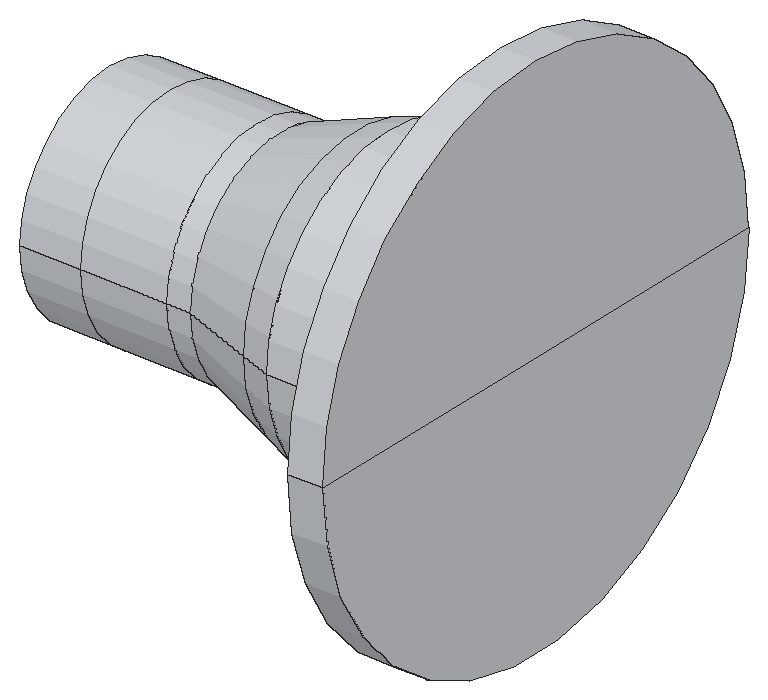
Revit family "28cbef5b395548be8daca0aa39c166c6", category Pipe Fittings, Revit 2021
Family settings
  Round Connector Dimension = Use Radius
  Part Type = Transition
  OmniClass Number = 23.60.30.11.14
  OmniClass Title = Pipework Fittings
  Work Plane-Based = No
  Always vertical = Yes
  Cut with Voids When Loaded = No
  Shared = No
Parameters (values of type "Standard")
  Visibility 2 [instance] = Nominal Diameter 2 > Nominal Diameter 1  # yes
  Visibility 1 [instance] = Nominal Diameter 1 > Nominal Diameter 2  # no
  URL = ""
  Type Comments = ""
  Tick Size 2 [instance] = if(Nominal Diameter 1 > Nominal Diameter 2, Min Tick Size 12, Max Tick Size 12)  # 1.9200"
  Tick Size 1 [instance] = if(Nominal Diameter 1 > Nominal Diameter 2, Max Tick Size 12, Min Tick Size 12)  # 1.5280"
  Min Tick Size 12 [instance] = Min Fitting Outside Diameter 12 * 0.4  # 1.5280"
  Max Tick Size 12 [instance] = Max Fitting Outside Diameter 12 * 0.4  # 1.9200"
  Socket Outside Radius 2 [instance] = Socket Outside Diameter 2 / 2  # 2.5950"
  Socket Outside Radius 1 [instance] = Socket Outside Diameter 1 / 2  # 1.9100"
  Socket Outside Diameter 2 [instance] = if(Nominal Diameter 1 > Nominal Diameter 2, Fitting Outside Diameter 2, Max Socket Outside Diameter 12)  # 5.1900"
  Socket Outside Diameter 1 [instance] = if(Nominal Diameter 1 > Nominal Diameter 2, Max Socket Outside Diameter 12, Fitting Outside Diameter 1)  # 3.8200"
  Socket Depth 2 [instance] = if(Min Nominal Diameter 12 < 14.0000", 2.5000", if(Min Nominal Diameter 12 < 30.0000", 3.5000", 4.0000"))  # 2.5000"
  Socket Depth 1 [instance] = if(Max Nominal Diameter 12 < 14.0000", 2.5000", if(Max Nominal Diameter 12 < 30.0000", 3.5000", 4.0000"))  # 2.5000"
  Min Socket Outside Diameter 12 [instance] = size_lookup(Lookup Table Name, "SOD", 1.08 * Min Nominal Diameter 12 + 1.1200", Min Nominal Diameter 12)  # 4.3600"
  Max Socket Outside Diameter 12 [instance] = size_lookup(Lookup Table Name, "SOD", 1.08 * Max Nominal Diameter 12 + 1.1200", Max Nominal Diameter 12)  # 5.1900"
  Nominal Radius 2 [instance] = 2.0000"
  Nominal Radius 1 [instance] = 1.5000"
  Nominal Diameter 2 [instance] = Nominal Radius 2 * 2  # 4.0000"
  Nominal Diameter 1 [instance] = Nominal Radius 1 * 2  # 3.0000"
  Min Nominal Diameter 12 [instance] = if(Nominal Diameter 1 > Nominal Diameter 2, Nominal Diameter 2, Nominal Diameter 1)  # 3.0000"
  Max Nominal Diameter 12 [instance] = if(Nominal Diameter 1 > Nominal Diameter 2, Nominal Diameter 1, Nominal Diameter 2)  # 4.0000"
  Manufacturer = ""
  Loss Method = K Coefficient from Table
  Lookup Table Name = "Reducer Compact - MJ x PE - DI - Class 350"
  Length [instance] = if(Nominal Diameter 1 = Nominal Diameter 2, 6.0000", size_lookup(Lookup Table Name, "Lgt", 1.7500" + 1.0774 * Max Nominal Diameter 12 - 0.9177 * Min Nominal Diameter 12, Max Nominal Diameter 12, Min Nominal Diameter 12))  # 4.7500"
  K Coefficient Table = "Reducer/Coupling/Union/Increaser"
  Fitting Outside Radius 2 [instance] = Fitting Outside Diameter 2 / 2  # 2.4000"
  Fitting Outside Radius 1 [instance] = Fitting Outside Diameter 1 / 2  # 1.9100"
  Min Fitting Outside Diameter 12 [instance] = size_lookup(Lookup Table Name, "FOD", 1.04 * Min Nominal Diameter 12 + 0.7000", Min Nominal Diameter 12)  # 3.8200"
  Max Fitting Outside Diameter 12 [instance] = size_lookup(Lookup Table Name, "FOD", 1.04 * Max Nominal Diameter 12 + 0.7000", Max Nominal Diameter 12)  # 4.8000"
  built-in parameter 1114238 [instance] = (empty or 0)
  Fitting Outside Diameter 2 [instance] = if(Nominal Diameter 1 > Nominal Diameter 2, Min Fitting Outside Diameter 12, Max Fitting Outside Diameter 12)  # 4.8000"
  Fitting Outside Diameter 1 [instance] = if(Nominal Diameter 1 > Nominal Diameter 2, Max Fitting Outside Diameter 12, Min Fitting Outside Diameter 12)  # 3.8200"
  Description = ""
  Default Elevation = 0.0000"
  Bevel Length 2 [instance] = size_lookup(Lookup Table Name, "BvLgt", 0.04 * Min Nominal Diameter 12 + 0.4300", Min Nominal Diameter 12)  # 0.5500"
  Bevel Length 1 [instance] = size_lookup(Lookup Table Name, "BvLgt", 0.04 * Max Nominal Diameter 12 + 0.4300", Max Nominal Diameter 12)  # 0.3900"
  Gland Width 2 [instance] = size_lookup(Lookup Table Name, "GWid", 0.03 * Nominal Diameter 2 + 0.9400", Nominal Diameter 2)  # 0.6000"
  Gland Width 1 [instance] = size_lookup(Lookup Table Name, "GWid", 0.03 * Nominal Diameter 1 + 0.9400", Nominal Diameter 1)  # 1.0300"
  Gland Outside Radius 1 [instance] = Gland Outside Diameter 1 / 2  # 1.9100"
  Gland Outside Radius 2 [instance] = Gland Outside Diameter 2 / 2  # 4.5300"
  Max Gland Outside Diameter 12 [instance] = size_lookup(Lookup Table Name, "GOD", 1.16 * Max Nominal Diameter 12 + 4.0300", Max Nominal Diameter 12)  # 9.0600"
  Min Gland Outside Diameter 12 [instance] = size_lookup(Lookup Table Name, "GOD", 1.16 * Min Nominal Diameter 12 + 4.0300", Min Nominal Diameter 12)  # 7.5100"
  Gland Outside Diameter 2 [instance] = if(Nominal Diameter 1 > Nominal Diameter 2, Fitting Outside Diameter 2, Max Gland Outside Diameter 12)  # 9.0600"
  Gland Outside Diameter 1 [instance] = if(Nominal Diameter 1 > Nominal Diameter 2, Max Gland Outside Diameter 12, Fitting Outside Diameter 1)  # 3.8200"
  Assembly Code = ""
Reference planes (in)
  plane 1 "Center (Front/Back)": y = 0
  plane 2: z = 0
  plane 3 "Center (Left/Right)": x = 0
  plane 4 "Right": x = 7.25
  plane 5 "TK1 Top": y = 1.528
  plane 6 "TK1 Bottom": y = -1.528
  plane 7 "TK2 Top": y = 1.92
  plane 8 "TK2 Bottom": y = -1.92
  plane 9: y = 1.91
  plane 10: y = 1.91
  plane 11: x = 2.5
  plane 12: x = 2.89
  plane 13: y = 1.91
  plane 14 "SD2R": x = 4.75
  plane 15: x = 1.03
  plane 16: x = 6.65
  plane 17: x = 4.2
  plane 18: y = 2.4
  plane 19: y = 2.595
  plane 20: y = 4.53
Forms (in)
  Extrusion 1, solid, not visible
    sketch origin (0, 0, 0) x (0, 1, 0) y (0, 0, 1)
      loop
        circle (0, 0) r 1
    from 0 to 7.25
  Revolve 2, solid, detail levels fine
    sketch origin (0, 0, 0) x (1, 0, 0) y (0, 1, 0)
      loop
        line (1.03, 1.91) -> (1.03, 0) -> (6.65, 0) -> (6.65, 2.595) -> (4.75, 2.595) -> (4.2, 2.4) -> (2.89, 1.91) -> (2.5, 1.91) -> (1.03, 1.91)
      axis (1.03, 0) -> (6.65, 0)
    angle from 0 to 360
  Revolve 3, solid, detail levels fine
    sketch origin (0, 0, 0) x (1, 0, 0) y (0, 1, 0)
      loop
        line (0, 0) -> (1.03, 0) -> (1.03, 1.91) -> (0, 1.91) -> (0, 0)
      loop
        line (7.25, 0) -> (7.25, 4.53) -> (6.65, 4.53) -> (6.65, 0) -> (7.25, 0)
      axis (0, 0) -> (7.25, 0)
    angle from 0 to 360
Cuts and joins
  joined: Revolve 2, Revolve 3
Lines and regions (in)
  model lines, detail levels coarse+medium
    curve 1: line (0, 0, 0) -> (0, 1.528, 0)
    curve 2: line (0, -1.528, 0) -> (0, 0, 0)
    curve 3: line (7.25, 0, 0) -> (7.25, 1.92, 0)
    curve 4: line (7.25, 0, 0) -> (7.25, -1.92, 0)
  model lines, style "PipeFitting", visible <- "Visibility 1", detail levels coarse+medium
    curve 5: line (0, 1.528, 0) -> (7.25, 0, 0)
    curve 6: line (0, -1.528, 0) -> (7.25, 0, 0)
  model lines, style "PipeFitting", visible <- "Visibility 2", detail levels coarse+medium
    curve 7: line (7.25, 1.92, 0) -> (0, 0, 0)
    curve 8: line (0, 0, 0) -> (7.25, -1.92, 0)
Dimensions and locks (in)
  "Tick Size 1": plane 5 "TK1 Top" to plane 1 "Center (Front/Back)"
  "Tick Size 1": plane 6 "TK1 Bottom" to plane 1 "Center (Front/Back)"
  "Tick Size 2": plane 7 "TK2 Top" to plane 1 "Center (Front/Back)"
  "Tick Size 2": plane 8 "TK2 Bottom" to plane 1 "Center (Front/Back)"
  "Gland Outside Radius 1": plane 9 to plane 1 "Center (Front/Back)"
  "Socket Outside Radius 1": plane 1 "Center (Front/Back)" to plane 10
  "Fitting Outside Radius 1": plane 13 to plane 1 "Center (Front/Back)"
  "Socket Depth 2": plane 14 "SD2R" to plane 4 "Right"
  "Socket Depth 1": plane 3 "Center (Left/Right)" to plane 11
  "Gland Width 1": plane 3 "Center (Left/Right)" to plane 15
  "Gland Width 2": plane 16 to plane 4 "Right"
  "Bevel Length 1": plane 11 to plane 12
  "Bevel Length 2": plane 17 to plane 14 "SD2R"
  "Fitting Outside Radius 2": plane 18 to plane 1 "Center (Front/Back)"
  "Socket Outside Radius 2": plane 19 to plane 1 "Center (Front/Back)"
  "Gland Outside Radius 2": plane 20 to plane 1 "Center (Front/Back)"
  "Length": plane 11 to plane 4 "Right"
  radius of Extrusion 1 sketch curve = 1.0000"
  aligned and locked: plane 2 to level
  aligned and locked: plane 2 to Extrusion 1 sketch curve
  aligned and locked: plane 1 "Center (Front/Back)" to Extrusion 1 sketch curve
  aligned and locked: Extrusion 1 to plane 3 "Center (Left/Right)"
  aligned and locked: plane 4 "Right" to Extrusion 1
  aligned and locked: plane 1 "Center (Front/Back)" to curve 2
  aligned and locked: plane 3 "Center (Left/Right)" to curve 1
  aligned and locked: plane 3 "Center (Left/Right)" to curve 2
  aligned and locked: plane 5 "TK1 Top" to curve 1
  aligned and locked: plane 6 "TK1 Bottom" to curve 2
  aligned and locked: plane 7 "TK2 Top" to curve 3
  aligned and locked: curve 4 to plane 4 "Right"
  aligned and locked: plane 1 "Center (Front/Back)" to Revolve 2 sketch curve
  aligned and locked: Revolve 2 sketch curve to plane 10
  aligned and locked: plane 11 to Revolve 2 sketch curve
  aligned and locked: plane 19 to Revolve 2 sketch curve
  aligned and locked: Revolve 2 sketch curve to Revolve 2 sketch curve
  aligned and locked: Revolve 3 sketch curve to plane 15
  aligned and locked: Revolve 3 sketch curve to plane 9
  aligned and locked: plane 20 to Revolve 3 sketch curve
  aligned and locked: plane 16 to Revolve 3 sketch curve
  aligned and locked: plane 4 "Right" to Revolve 3 sketch curve
  aligned and locked: Revolve 3 sketch curve to Revolve 3 sketch curve  (x2)
  aligned and locked: plane 3 "Center (Left/Right)" to Revolve 3 sketch curve
  aligned and locked: plane 15 to Revolve 2 sketch curve
  aligned and locked: plane 16 to Revolve 2 sketch curve
  aligned and locked: plane 13 to Revolve 2 sketch curve
  aligned and locked: plane 17 to Revolve 2 sketch curve
  aligned and locked: plane 14 "SD2R" to Revolve 2 sketch curve
  aligned and locked: plane 18 to Revolve 2 sketch curve
Automatic sketch dimensions
  plane 8 "TK2 Bottom" to curve 8 = 0.0000"
  plane 1 "Center (Front/Back)" to curve 4 = 0.0000"
  plane 1 "Center (Front/Back)" to Revolve 3 sketch curve = 0.0000"
  Revolve 3 sketch curve to plane 3 "Center (Left/Right)" = 9.7500"
  Revolve 3 sketch curve to Revolve 3 sketch curve = 7.2500"
  Revolve 2 sketch curve to plane 12 = 0.0000"
  Revolve 2 sketch curve to plane 3 "Center (Left/Right)" = 9.7500"
  plane 4 "Right" to Revolve 2 sketch curve = 7.1900"
Connectors (in)
  piping at (0, 0, 0), diameter 3, driven by "Nominal Radius 1"
    settings: on Extrusion 1, index 1, connector inside diameter 4.0000", connector length 0.0000", flow factor 0, pipe flow 0 GPM, pressure drop 0.00 psi, fitting loss kfactor 0, connector angle 0.00°, fixture units 0, engagement length 0.0000", angle of deflection 0.00°, flow configuration 0, flow direction 0, fitting loss method 0, system type 28, joint type 0, gender type 0, connector reference index 2, connector utility 0, adjustable connector no, is connector primary yes, connector description ""
  piping at (7.25, 0, 0), diameter 4, driven by "Nominal Radius 2"
    settings: on Extrusion 1, index 2, connector inside diameter 3.0000", connector length 0.0000", flow factor 0, pipe flow 0 GPM, pressure drop 0.00 psi, fitting loss kfactor 0, connector angle 0.00°, fixture units 0, engagement length 0.0000", angle of deflection 0.00°, flow configuration 0, flow direction 0, fitting loss method 0, system type 28, joint type 0, gender type 0, connector reference index 1, connector utility 0, adjustable connector no, is connector primary no, connector description ""
